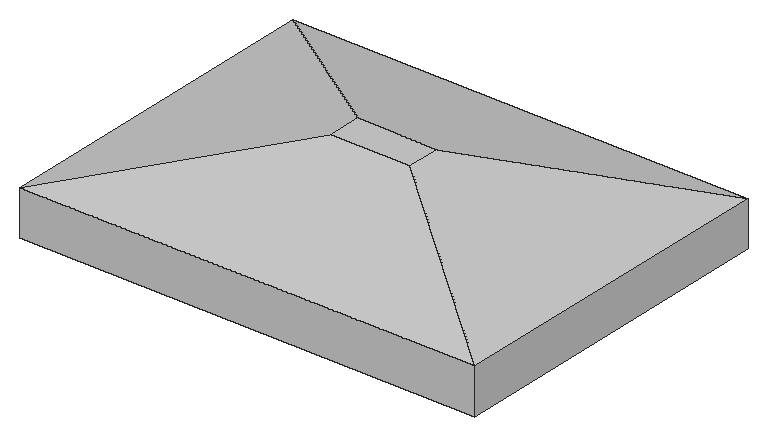
Revit family "Sapata Isolada - Cônica", category Fundações estruturais, Revit 2024
Family settings
  Material para o comportamento do modelo = Outros
  Cap = Não
  Número OmniClass = 23.25.05.17
  Título OmniClass = Shallow Foundations
  Com base no plano de trabalho = Não
  Sempre na vertical = Sim
  Corte com vazios quando carregada = Não
  Compartilhado = Não
  Exibir o pré-corte da família na vista da planta = Sim
Parameters (values of type "FAMÍLIA - SAPATA ISOLADA PARAMETRIZADA")
  h1 = 200 mm
  h0 = 0
  b = 350 mm
  a = 150 mm
  Volume de concreto do elemento (m³) = 0.00 m³
  VERGALÃO EM CORTE [instance] = no
  Peso total de aço no elemento (kg) = 0.00 kg
  MENOR DIMENSÃO b = 0
  MAIOR DIMENSÃO a = 0
  Largura = 2000 mm
  Structural Material [instance] = Concreto - Concreto concretado no local
  Comprimento = 1500 mm
  Assembly Code = ""
  H = 400 mm
  B - vergalão  face 02 [instance] = no
  B - vergalão  face 01 [instance] = no
  B - NÚMERO DE BARRAS = 0
  B - ESPAÇAMENTO = 0
  B - COMPRIMENTO VERTICAL = 0
  B - COMPRIMENTO HORIZONTAL = 0
  B - COMPRIMENTO DE CORTE = 0
  B - BITOLA = 0
  ARMAÇÃO NA MENOR DIMENSÃO (B) = ""
  ARMAÇÃO NA MAIOR DIMENSÃO (A) = ""
  ALTURA H = 0
  A - vergalão  face 02 [instance] = no
  A - vergalão  face 01 [instance] = no
  A - NÚMERO DE BARRAS = 0
  A - ESPAÇAMENTO = 0
  A - COMPRIMENTO VERTICAL = 0
  A - COMPRIMENTO HORIZONTAL = 0
  A - COMPRIMENTO DE CORTE = 0
  A - BITOLA = 0
Reference planes
  plane 1 "Centro (Frente/Trás)": y = 0
  plane 2: z = 0
  plane 3 "Centro (Esquerda/Direita)": x = 0
  plane 4 "COTA MAIOR DIREÇÃO 01": x = -1000
  plane 5 "COTA MAIOR DIREÇÃO 02": x = 1000
  plane 6 "COTA MENOR DIREÇÃO 01": y = 750
  plane 7 "COTA MENOR DIREÇÃO 02": y = -750
  plane 8: y = 75
  plane 9: y = -75
  plane 10: x = -175
  plane 11: x = 175
  plane 12: z = -400
  plane 13: z = -200
  plane 14: x = -949.979
  plane 15: x = 949.979
  plane 16: y = -699.958
  plane 17: y = 700
Forms (mm)
  Extrusion 1, solid, material "Concreto - Concreto concretado no local" <- "Structural Material"
    sketch origin (0, 0, 0) x (1, 0, 0) y (0, 1, 0)
      loop
        line (-1000, 750) -> (-1000, -750) -> (1000, -750) -> (1000, 750) -> (-1000, 750)
    from -400 to -200
  Blend 2, solid, material "Concreto - Concreto concretado no local" <- "Structural Material"
    base sketch origin (0, 0, 0) x (1, 0, 0) y (0, 1, 0)
      loop
        line (-1000, 750) -> (-1000, -750) -> (1000, -750) -> (1000, 750) -> (-1000, 750)
    top sketch origin (0, 0, 0) x (1, 0, 0) y (0, 1, 0)
      loop
        line (-175, 75) -> (-175, -75) -> (175, -75) -> (175, 75) -> (-175, 75)
    from -200 to 0
Cuts and joins
  joined: Extrusion 1, Blend 2
Lines and regions (mm)
  Filled region 1, type "Região preenchida 1", visible <- "B - vergalão  face 01", detail levels coarse
    outline origin (0, -120, 0) x (1, 0, 0) y (0, 1, 0)
      loop
        line (-949.979, 950) -> (-941.902, 950) -> (-941.902, 1043.287)
        arc (-941.902, 1043.287) -> (-940.437, 1046.822) -> (-936.902, 1048.287) r 5
        line (-936.902, 1048.287) -> (933.729, 1048.287)
        arc (933.729, 1048.287) -> (938.742, 1047.126) -> (941.162, 1042.585) r 6.216
        line (941.162, 1042.585) -> (941.162, 950) -> (949.979, 950) -> (949.979, 1047.585)
        arc (949.979, 1047.585) -> (947.528, 1053.502) -> (941.611, 1055.953) r 8.368
        line (941.611, 1055.953) -> (-942.313, 1055.953)
        arc (-942.313, 1055.953) -> (-947.734, 1053.708) -> (-949.979, 1048.287) r 7.666
        line (-949.979, 1048.287) -> (-949.979, 950)
  Filled region 2, type "Região preenchida 1", visible <- "A - vergalão  face 01", detail levels coarse
    outline origin (-119.554, 0.021, 0) x (0, 1, 0) y (-1, 0, 0)
      loop
        line (-699.979, -1200) -> (-699.979, -1297.585)
        arc (-699.979, -1297.585) -> (-696.062, -1303.259) -> (-689.714, -1305.953) r 12.362
        line (-689.714, -1305.953) -> (691.611, -1305.953)
        arc (691.611, -1305.953) -> (697.528, -1303.502) -> (699.979, -1297.585) r 8.368
        line (699.979, -1297.585) -> (699.979, -1200) -> (692.226, -1200) -> (692.226, -1292.585)
        arc (692.226, -1292.585) -> (690.762, -1296.12) -> (687.226, -1297.585) r 5
        line (687.226, -1297.585) -> (-687.214, -1297.585)
        arc (-687.214, -1297.585) -> (-690.75, -1296.12) -> (-692.214, -1292.585) r 5
        line (-692.214, -1292.585) -> (-692.214, -1200) -> (-699.979, -1200)
  Filled region 3, type "Região preenchida 1", visible <- "VERGALÃO EM CORTE", detail levels coarse
    outline origin (0, 750, 0) x (-1, 0, 0) y (0, 0, 1)
      loop
        line (949.979, -480) -> (940.021, -480) -> (940.021, -540) -> (-939.979, -540) -> (-939.979, -480) -> (-949.979, -480) -> (-949.979, -550) -> (949.979, -550) -> (949.979, -480)
  Filled region 4, type "Região preenchida 1", visible <- "VERGALÃO EM CORTE", detail levels coarse
    outline origin (-1000, 0, 20) x (0, 1, 0) y (0, 0, 1)
      loop
        line (-699.958, -480) -> (-699.958, -560) -> (700, -560) -> (700, -480) -> (690, -480) -> (690, -550) -> (-690, -550) -> (-690, -480) -> (-699.958, -480)
  Filled region 5, type "Região preenchida 1", visible <- "A - vergalão  face 02", detail levels coarse
    outline origin (119.554, 0.021, 0) x (0, 1, 0) y (-1, 0, 0)
      loop
        line (-699.979, 1200) -> (-692.839, 1200) -> (-692.839, 1290.787)
        arc (-692.839, 1290.787) -> (-690.813, 1295.679) -> (-685.922, 1297.705) r 6.918
        line (-685.922, 1297.705) -> (684.788, 1297.705)
        arc (684.788, 1297.705) -> (690.269, 1295.435) -> (692.539, 1289.955) r 7.751
        line (692.539, 1289.955) -> (692.539, 1200) -> (699.979, 1200) -> (699.979, 1295.388)
        arc (699.979, 1295.388) -> (696.884, 1302.858) -> (689.414, 1305.953) r 10.565
        line (689.414, 1305.953) -> (-692.669, 1305.953)
        arc (-692.669, 1305.953) -> (-697.838, 1303.812) -> (-699.979, 1298.643) r 7.31
        line (-699.979, 1298.643) -> (-699.979, 1200)
  Filled region 6, type "Região preenchida 1", visible <- "B - vergalão  face 02", detail levels coarse
    outline origin (0, 120, 0) x (1, 0, 0) y (0, 1, 0)
      loop
        line (-949.979, -950) -> (-949.979, -1049.027)
        arc (-949.979, -1049.027) -> (-947.95, -1053.924) -> (-943.053, -1055.953) r 6.926
        line (-943.053, -1055.953) -> (940.86, -1055.953)
        arc (940.86, -1055.953) -> (946.798, -1053.271) -> (949.979, -1047.585) r 10.409
        line (949.979, -1047.585) -> (949.979, -950) -> (940.537, -950) -> (940.537, -1041.685)
        arc (940.537, -1041.685) -> (938.809, -1045.857) -> (934.637, -1047.585) r 5.9
        line (934.637, -1047.585) -> (-937.924, -1047.585)
        arc (-937.924, -1047.585) -> (-940.516, -1046.511) -> (-941.589, -1043.919) r 3.665
        line (-941.589, -1043.919) -> (-941.589, -950) -> (-949.979, -950)
Dimensions and locks
  "Largura": plane 4 "COTA MAIOR DIREÇÃO 01" to plane 5 "COTA MAIOR DIREÇÃO 02"
  "Comprimento": plane 6 "COTA MENOR DIREÇÃO 01" to plane 7 "COTA MENOR DIREÇÃO 02"
  equal spacing: plane 6 "COTA MENOR DIREÇÃO 01", plane 1 "Centro (Frente/Trás)", plane 7 "COTA MENOR DIREÇÃO 02"
  equal spacing: plane 4 "COTA MAIOR DIREÇÃO 01", plane 3 "Centro (Esquerda/Direita)", plane 5 "COTA MAIOR DIREÇÃO 02"
  equal spacing: plane 8, plane 1 "Centro (Frente/Trás)", plane 9
  "a": plane 8 to plane 9
  equal spacing: plane 10, plane 3 "Centro (Esquerda/Direita)", plane 11
  "b": plane 10 to plane 11
  "H": plane 2 to plane 12
  "h1": plane 13 to plane 12
  plane 4 "COTA MAIOR DIREÇÃO 01" to plane 5 "COTA MAIOR DIREÇÃO 02" = 2000 mm
  locked: plane 16 to plane 7 "COTA MENOR DIREÇÃO 02" at 50.042
  locked: plane 17 to plane 6 "COTA MENOR DIREÇÃO 01" at 50
  plane 15 to plane 5 "COTA MAIOR DIREÇÃO 02" = 50.021 mm
  locked: plane 15 to plane 5 "COTA MAIOR DIREÇÃO 02" at 50.021
  locked: plane 4 "COTA MAIOR DIREÇÃO 01" to plane 14 at 50.021
  Filled region 1 to cut or joined group of Extrusion 1, Blend 2 = 80 mm
  cut or joined group of Extrusion 1, Blend 2 to Filled region 2 = 80.446 mm
  aligned and locked: plane 4 "COTA MAIOR DIREÇÃO 01" to Extrusion 1 sketch curve
  aligned and locked: Extrusion 1 sketch curve to plane 5 "COTA MAIOR DIREÇÃO 02"
  aligned and locked: Extrusion 1 sketch curve to plane 6 "COTA MENOR DIREÇÃO 01"
  aligned and locked: plane 7 "COTA MENOR DIREÇÃO 02" to Extrusion 1 sketch curve
  aligned and locked: Extrusion 1 to plane 12
  aligned and locked: plane 13 to Extrusion 1
  aligned and locked: Blend 2 sketch curve to Extrusion 1  (x4)
  aligned and locked: Blend 2 sketch curve to plane 8
  aligned and locked: plane 10 to Blend 2 sketch curve
  aligned and locked: plane 9 to Blend 2 sketch curve
  aligned and locked: Blend 2 sketch curve to plane 11
  aligned and locked: Blend 2 to Extrusion 1
  aligned and locked: level to Blend 2
Automatic sketch dimensions
  Filled region 3 sketch curve to plane 15 = 0 mm
  Filled region 3 sketch curve to plane 14 = 0 mm
  Filled region 3 sketch curve to plane 15 = 10 mm
  Filled region 3 sketch curve to Filled region 3 sketch curve = 9.958 mm
  Filled region 3 sketch curve to plane 12 = 150 mm
  Filled region 3 sketch curve to Filled region 3 sketch curve = 10 mm
  Filled region 3 sketch curve to Filled region 3 sketch curve = 60 mm  (x2)
  Filled region 4 sketch curve to plane 16 = 0 mm
  Filled region 4 sketch curve to plane 17 = 0 mm
  Filled region 4 sketch curve to Filled region 4 sketch curve = 9.958 mm
  Filled region 4 sketch curve to plane 17 = 10 mm
  Filled region 4 sketch curve to plane 12 = 140 mm
  Filled region 4 sketch curve to Filled region 4 sketch curve = 10 mm
  Filled region 4 sketch curve to plane 12 = 60 mm  (x2)
  Filled region 6 sketch curve to plane 14 = 0 mm
  Filled region 6 sketch curve to plane 15 = 0 mm
  plane 14 to Filled region 6 sketch curve = 6.926 mm
  plane 14 to Filled region 6 sketch curve = 8.39 mm
  Filled region 6 sketch curve to Filled region 6 sketch curve = 5.124 mm
  Filled region 6 sketch curve to Filled region 6 sketch curve = 9.442 mm
  Filled region 6 sketch curve to plane 15 = 9.119 mm
  Filled region 6 sketch curve to plane 7 "COTA MENOR DIREÇÃO 02" = 185.953 mm
  Filled region 6 sketch curve to Filled region 6 sketch curve = 8.368 mm
  Filled region 6 sketch curve to Filled region 6 sketch curve = 1.982 mm
  Filled region 6 sketch curve to plane 7 "COTA MENOR DIREÇÃO 02" = 80 mm  (x2)
  Filled region 6 sketch curve to Filled region 6 sketch curve = 3.665 mm
  Filled region 6 sketch curve to Filled region 6 sketch curve = 5.108 mm
  plane 16 to Filled region 2 sketch curve = 0 mm
  Filled region 2 sketch curve to plane 16 = 7.765 mm
  Filled region 2 sketch curve to plane 16 = 10.265 mm
  Filled region 2 sketch curve to Filled region 2 sketch curve = 3.964 mm
  Filled region 2 sketch curve to Filled region 2 sketch curve = 1.036 mm
  Filled region 2 sketch curve to Filled region 2 sketch curve = 0.616 mm
  plane 5 "COTA MAIOR DIREÇÃO 02" to Filled region 2 sketch curve = 186.399 mm
  Filled region 2 sketch curve to Filled region 2 sketch curve = 8.368 mm  (x2)
  plane 5 "COTA MAIOR DIREÇÃO 02" to Filled region 2 sketch curve = 80.446 mm  (x2)
  Filled region 2 sketch curve to Filled region 2 sketch curve = 0 mm
  Filled region 2 sketch curve to Filled region 2 sketch curve = 5 mm
  Filled region 2 sketch curve to plane 17 = 0 mm
  Filled region 1 sketch curve to plane 15 = 0 mm
  plane 14 to Filled region 1 sketch curve = 7.666 mm
  Filled region 1 sketch curve to plane 15 = 16.25 mm
  Filled region 1 sketch curve to Filled region 1 sketch curve = 1.23 mm
  Filled region 1 sketch curve to Filled region 1 sketch curve = 8.817 mm
  Filled region 1 sketch curve to Filled region 1 sketch curve = 0.449 mm
  plane 6 "COTA MENOR DIREÇÃO 01" to Filled region 1 sketch curve = 80 mm  (x2)
  Filled region 1 sketch curve to Filled region 1 sketch curve = 92.194 mm
  Filled region 1 sketch curve to Filled region 1 sketch curve = 0.391 mm
  Filled region 1 sketch curve to Filled region 1 sketch curve = 5 mm  (x2)
  Filled region 1 sketch curve to Filled region 1 sketch curve = 5.411 mm
  Filled region 1 sketch curve to plane 14 = 0 mm
  plane 16 to Filled region 5 sketch curve = 0 mm
  Filled region 5 sketch curve to plane 17 = 0 mm
  Filled region 5 sketch curve to plane 16 = 7.14 mm
  Filled region 5 sketch curve to Filled region 5 sketch curve = 4.626 mm
  Filled region 5 sketch curve to Filled region 5 sketch curve = 3.125 mm
  Filled region 5 sketch curve to plane 4 "COTA MAIOR DIREÇÃO 01" = 80.446 mm  (x2)
  Filled region 5 sketch curve to Filled region 5 sketch curve = 89.955 mm
  Filled region 5 sketch curve to Filled region 5 sketch curve = 6.918 mm
  Filled region 5 sketch curve to Filled region 5 sketch curve = 5.433 mm
  Filled region 5 sketch curve to Filled region 5 sketch curve = 7.855 mm
  Filled region 5 sketch curve to plane 16 = 7.31 mm
